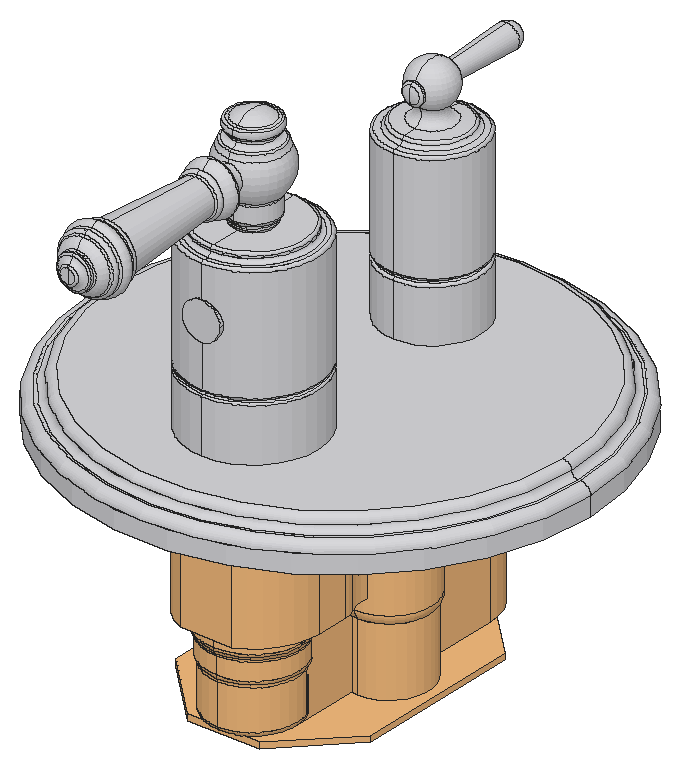
Revit family "Shower-Valve_Trim-KOHLER-Artifacts-72820W_1", category Plumbing Fixtures, host Face, Revit 2017
Family settings
  Host = Face
  Round Connector Dimension = Use Diameter
  Part Type = Normal
  OmniClass Number = 23.31.25.00
  OmniClass Title = Toilet and Bath Specialties
  Cut with Voids When Loaded = No
  Shared = No
  Room Calculation Point = No
Parameters (values of type "CP-Polished Chrome")
  Width = 7 11/128"  # constant formula
  WaterSense Certified = 1 = 0  # no
  Waste Water Outlet = "Waste Water Outlet"  # constant formula
  Waste Connection = 1 = 0  # no
  Vent Connection = 1 = 0  # no
  URL = "https://www.kohler.co.uk/"
  Type = 1
  Tempered Water Outlet 2 = "Tempered Water Outlet 2"  # constant formula
  Tempered Water Outlet 1 = "Tempered Water Outlet 1"  # constant formula
  Product Page URL = "https://www.kohler.co.uk/showering/valves-controls/thermostatic-valves/artifacts-thermotatic-built-in-shower-valve-with-temperature-and-flow-control/"
  Product Name = "Artifacts"  # constant formula
  Product Documentation Link = ""
  Pressure = 72.00 psi  # constant formula
  Model = "72820W-4-CP"  # constant formula
  Material = "Premium Metal Construction"  # constant formula
  Master Format 2014 Name = "Residential Showers"  # constant formula
  Master Format 2014 = "22 42 23"  # constant formula
  Manufacturer Address = "Cromwell Road, Cheltenham, Gloucestershire. GL52 5EP Registered in England No. 252115"  # constant formula
  Manufacturer = "KOHLER Co."  # constant formula
  Length = 4 19/32"  # constant formula
  Hot Water Inlet = "Hot Water Inlet"  # constant formula
  Height = 7 11/128"  # constant formula
  Handle Clearance = 3 79/256"  # constant formula
  HW Connection = 1 = 1  # yes
  Flow Rate = 9.24 GPM  # constant formula
  Finish = Kohler-Metal-CP-Polished_Chrome
  Environmental Product Declaration = ""
  Drain Included = 1 = 0  # no
  Description = "Thermotatic Built-in Shower Valve with Temperature and Flow Control"  # constant formula
  Default Elevation = 42"
  Declare Label = ""
  Date Modified = "10/13/2020"  # constant formula
  Date Created = "10/13/2020"  # constant formula
  Copyright = "Copyright KOHLER Co."  # constant formula
  Contact Us = "https://www.kohler.co.uk/support/contact/"
  Cold Water Inlet = "Cold Water Inlet"  # constant formula
  CW Connection = 1 = 1  # yes
  Assembly Code = "D2010700"
  ADA Compliant = 1 = 0  # no
Reference planes (in)
  plane 1 "Center (Front/Back)": y = 0
  plane 2: z = 0
  plane 3 "Center (Left/Right)": x = 0
  plane 4: x = -3.54331
  plane 5: x = 3.54263
  plane 6: y = 3.54331
  plane 7: y = -3.54263
  plane 8: y = -4.83834
  plane 9: y = 3.12106
  plane 10: x = -0.6875
  plane 11: x = 0.6875
  plane 12: y = -1.52974
  plane 13: y = 1.625
  plane 14: y = -0.89128
  plane 15: z = -3.09375
  plane 16: z = 3.90554
  plane 17: z = 4.59375
  plane 18: z = 3.53544
  plane 19: z = 0.5925
Forms (in)
  Extrusion 1, void
    sketch origin (0, 0, 0) x (1, 0, 0) y (0, 1, 0)
      loop
        arc (1.08004, -2.55228) -> (1.47227, -2.38981) -> (1.63473, -1.99759) r 0.55469
        line (1.63473, -1.99759) -> (1.63473, 1.99769)
        arc (1.63473, 1.99769) -> (1.47186, 2.39091) -> (1.07864, 2.55378) r 0.5561
        line (1.07864, 2.55378) -> (-1.08004, 2.55378)
        arc (-1.08004, 2.55378) -> (-1.47227, 2.39132) -> (-1.63473, 1.9991) r 0.55469
        line (-1.63473, 1.9991) -> (-1.63473, -1.99759)
        arc (-1.63473, -1.99759) -> (-1.47227, -2.38981) -> (-1.08004, -2.55228) r 0.55469
        line (-1.08004, -2.55228) -> (1.08004, -2.55228)
    from 0 to -3.09375
Dimensions and locks (in)
  "Width": plane 4 to plane 5
  locked: plane 8 to plane 6 at 8.38164
  "Height": plane 6 to plane 7
  locked: plane 19 to plane 2 at 0.5925
  locked: plane 16 to plane 2 at 3.90554
  "Length": plane 17 to plane 2
  "Handle Clearance": plane 12 to plane 8
  aligned and locked: plane 2 to host face
  aligned and locked: level to host face
Automatic sketch dimensions
  host sketch curve to host sketch curve = 96"  (x2)
  Extrusion 1 sketch curve to plane 13 = 0.3741"
  plane 10 to Extrusion 1 sketch curve = 0.94723"
  plane 10 to Extrusion 1 sketch curve = 0.39254"  (x2)
  plane 11 to Extrusion 1 sketch curve = 0.39114"
  plane 11 to Extrusion 1 sketch curve = 0.39254"
  Extrusion 1 sketch curve to Extrusion 1 sketch curve = 71/128"
  plane 12 to Extrusion 1 sketch curve = 0.46785"
Nested families (in)
  nested 1: "72820W" at (0, 0, 0), type "72820W"
Connectors (in)
  piping at (-0.6875, 0, -3.09375), diameter 0.5, driven by "Flow Rate", driven by "Pressure", driven by "HW Connection", driven by "Hot Water Inlet"
    settings: on nested 1, index 1, connector inside diameter 24", connector length 0", flow factor 0, pipe flow 9.24 GPM, pressure drop 72.00 psi, fitting loss kfactor 0, connector angle 0.00°, fixture units 0, engagement length 0", angle of deflection 0.00°, flow configuration 1, flow direction 1, fitting loss method 4, system type 19, joint type 0, gender type 0, connector reference index -1, connector utility 1, adjustable connector no, is connector primary yes, connector description "Hot Water Inlet"
  piping at (0.6875, 0, -3.09375), diameter 0.5, driven by "Flow Rate", driven by "Pressure", driven by "CW Connection", driven by "Cold Water Inlet"
    settings: on nested 1, index 2, connector inside diameter 24", connector length 0", flow factor 0, pipe flow 9.24 GPM, pressure drop 72.00 psi, fitting loss kfactor 0, connector angle 0.00°, fixture units 0, engagement length 0", angle of deflection 0.00°, flow configuration 1, flow direction 1, fitting loss method 4, system type 20, joint type 0, gender type 0, connector reference index -1, connector utility 1, adjustable connector no, is connector primary no, connector description "Cold Water Inlet"
  piping at (0, -0.89128, -3.09375), diameter 0.5, driven by "Flow Rate", driven by "Pressure", driven by "HW Connection", driven by "Tempered Water Outlet 2"
    settings: on nested 1, index 3, connector inside diameter 24", connector length 0", flow factor 0, pipe flow 9.24 GPM, pressure drop 72.00 psi, fitting loss kfactor 0, connector angle 0.00°, fixture units 0, engagement length 0", angle of deflection 0.00°, flow configuration 1, flow direction 2, fitting loss method 4, system type 19, joint type 0, gender type 0, connector reference index -1, connector utility 1, adjustable connector no, is connector primary no, connector description "Tempered Water Outlet 2"
  piping at (0, 1.62506, -3.09375), diameter 0.5, driven by "Flow Rate", driven by "Pressure", driven by "HW Connection", driven by "Tempered Water Outlet 1"
    settings: on nested 1, index 4, connector inside diameter 24", connector length 0", flow factor 0, pipe flow 9.24 GPM, pressure drop 72.00 psi, fitting loss kfactor 0, connector angle 0.00°, fixture units 0, engagement length 0", angle of deflection 0.00°, flow configuration 1, flow direction 2, fitting loss method 4, system type 19, joint type 0, gender type 0, connector reference index -1, connector utility 1, adjustable connector no, is connector primary no, connector description "Tempered Water Outlet 1"
Definition of nested family "72820W"
  Parameters (values of type "72819W")
    Material = none
  Reference planes (in)
    plane 1 "Center (Front/Back)": y = 0
    plane 2: z = 0
    plane 3 "Center (Left/Right)": x = 0
    plane 4: x = -3.54331
    plane 5: x = 3.54331
    plane 6: y = 3.54331
    plane 7: y = -3.54331
    plane 8: z = 0.5925
    plane 9: z = 3.90554
    plane 10: z = 4.59375
    plane 11: y = -1.53125
    plane 12: y = 1.625
    plane 13: y = -4.83834
    plane 14: y = 3.12106
    plane 15: z = 3.53544
    plane 16: z = -3.09375
    plane 17: x = -0.6875
    plane 18: x = 0.6875
    plane 19: y = -0.89128
  Forms (in)
    Sweep 1, solid, material <- "Material", detail levels medium+fine
      path origin (0, 0, 0) x (1, 0, 0) y (0, 1, 0)
        loop
          circle (0, 0) r 3.54336
      profile origin (0, 3.54336, 0) x (0, -1, 0) y (0, 0, 1)
        loop
          line (0.01211, 0) -> (0.60669, 0) -> (0.60669, 0.5925) -> (0.4018, 0.5925)
          arc (0.4018, 0.5925) -> (0.32124, 0.56098) -> (0.28346, 0.48316) r 0.11871
          arc (0.28346, 0.48316) -> (0.25323, 0.42088) -> (0.18876, 0.39565) r 0.095
          line (0.18876, 0.39565) -> (0.14766, 0.39565)
          arc (0.14766, 0.39565) -> (0.05181, 0.35595) -> (0.01211, 0.2601) r 0.13555
          line (0.01211, 0.2601) -> (0.01211, 0)
    Extrusion 2, solid, material <- "Material", detail levels medium+fine
      sketch origin (0, 0, 0) x (1, 0, 0) y (0, 1, 0)
        loop
          circle (0, 0) r 2.94878
      from 0 to 0.59055
    Revolve 3, solid, material <- "Material", detail levels medium+fine
      sketch origin (0, 0, 0) x (0, 1, 0) y (0, 0, 1)
        loop
          line (-1.53125, 4.59375) -> (-1.53125, 0.4743) -> (-0.625, 0.4743) -> (-0.625, 1.33838)
          arc (-0.625, 1.33838) -> (-0.63083, 1.35244) -> (-0.64489, 1.35827) r 0.01989
          line (-0.64489, 1.35827) -> (-0.71357, 1.35827) -> (-0.71357, 1.40546) -> (-0.64493, 1.40546)
          arc (-0.64493, 1.40546) -> (-0.63084, 1.4113) -> (-0.625, 1.42539) r 0.01993
          line (-0.625, 1.42539) -> (-0.625, 3.02147)
          arc (-0.625, 3.02147) -> (-0.63601, 3.04805) -> (-0.66258, 3.05906) r 0.03758
          line (-0.66258, 3.05906) -> (-0.7288, 3.05906)
          arc (-0.7288, 3.05906) -> (-0.76702, 3.07488) -> (-0.78285, 3.1131) r 0.05405
          line (-0.78285, 3.1131) -> (-0.78285, 3.14424)
          arc (-0.78285, 3.14424) -> (-0.79249, 3.16752) -> (-0.81577, 3.17717) r 0.03293
          line (-0.81577, 3.17717) -> (-1.26034, 3.17717)
          arc (-1.26034, 3.17717) -> (-1.24608, 3.18307) -> (-1.24017, 3.19734) r 0.02017
          line (-1.24017, 3.19734) -> (-1.24017, 3.23084)
          arc (-1.24017, 3.23084) -> (-1.23184, 3.26031) -> (-1.20931, 3.28105) r 0.05627
          arc (-1.20931, 3.28105) -> (-1.19571, 3.29357) -> (-1.19068, 3.31136) r 0.03397
          line (-1.19068, 3.31136) -> (-1.19068, 3.53618)
          arc (-1.19068, 3.53618) -> (-1.187, 3.55509) -> (-1.1765, 3.57125) r 0.05046
          arc (-1.1765, 3.57125) -> (-1.04544, 3.8435) -> (-1.10277, 4.14017) r 0.48059
          arc (-1.10277, 4.14017) -> (-1.1205, 4.17805) -> (-1.13252, 4.2181) r 0.2866
          arc (-1.13252, 4.2181) -> (-1.14093, 4.23175) -> (-1.15598, 4.23727) r 0.02449
          arc (-1.15598, 4.23727) -> (-1.20632, 4.25638) -> (-1.23302, 4.30315) r 0.07969
          arc (-1.23302, 4.30315) -> (-1.22772, 4.33475) -> (-1.20373, 4.35598) r 0.04802
          arc (-1.20373, 4.35598) -> (-1.18849, 4.36616) -> (-1.17854, 4.38156) r 0.04516
          arc (-1.17854, 4.38156) -> (-1.17087, 4.42738) -> (-1.18192, 4.4725) r 0.11517
          arc (-1.18192, 4.4725) -> (-1.1941, 4.48485) -> (-1.21131, 4.48696) r 0.02636
          arc (-1.21131, 4.48696) -> (-1.23395, 4.48715) -> (-1.25433, 4.49701) r 0.05157
          arc (-1.25433, 4.49701) -> (-1.38459, 4.56887) -> (-1.53125, 4.59375) r 0.44471
        axis (-1.53125, 4.59375) -> (-1.53125, 0.4743)
      angle from 0 to 360
    Revolve 4, solid, material <- "Material", detail levels medium+fine
      sketch origin (0, 0, 0) x (0, 1, 0) y (0, 0, 1)
        loop
          line (-4.8125, 3.90554) -> (-4.8125, 3.79943)
          arc (-4.8125, 3.79943) -> (-4.80706, 3.78381) -> (-4.79309, 3.77494) r 0.02515
          arc (-4.79309, 3.77494) -> (-4.74029, 3.74248) -> (-4.71742, 3.68488) r 0.09829
          arc (-4.71742, 3.68488) -> (-4.71089, 3.67087) -> (-4.69653, 3.66516) r 0.02092
          line (-4.69653, 3.66516) -> (-4.66467, 3.66516)
          arc (-4.66467, 3.66516) -> (-4.64967, 3.66092) -> (-4.63911, 3.64946) r 0.02866
          arc (-4.63911, 3.64946) -> (-4.58812, 3.58387) -> (-4.51633, 3.54206) r 0.21845
          arc (-4.51633, 3.54206) -> (-4.50309, 3.53354) -> (-4.49516, 3.51995) r 0.03371
          arc (-4.49516, 3.51995) -> (-4.46564, 3.48832) -> (-4.42258, 3.49256) r 0.04884
          arc (-4.42258, 3.49256) -> (-4.40072, 3.49612) -> (-4.38283, 3.48306) r 0.02872
          arc (-4.38283, 3.48306) -> (-4.29866, 3.43522) -> (-4.2138, 3.48181) r 0.09925
          arc (-4.2138, 3.48181) -> (-4.19527, 3.49525) -> (-4.1726, 3.49208) r 0.03058
          arc (-4.1726, 3.49208) -> (-4.13083, 3.48834) -> (-4.10097, 3.51779) r 0.0499
          arc (-4.10097, 3.51779) -> (-4.09084, 3.53127) -> (-4.07503, 3.53714) r 0.02993
          line (-4.07503, 3.53714) -> (-2.55069, 3.64373)
          arc (-2.55069, 3.64373) -> (-2.53243, 3.6393) -> (-2.52009, 3.62513) r 0.031
          arc (-2.52009, 3.62513) -> (-2.46412, 3.59631) -> (-2.42488, 3.64554) r 0.04965
          arc (-2.42488, 3.64554) -> (-2.3604, 3.56524) -> (-2.26309, 3.53149) r 0.1862
          arc (-2.26309, 3.53149) -> (-2.24777, 3.53557) -> (-2.23775, 3.54786) r 0.02571
          arc (-2.23775, 3.54786) -> (-2.12696, 3.67744) -> (-1.95951, 3.7095) r 0.25772
          arc (-1.95951, 3.7095) -> (-1.65295, 3.73811) -> (-1.39456, 3.90554) r 0.64511
          line (-1.39456, 3.90554) -> (-4.8125, 3.90554)
        axis (-1.39456, 3.90554) -> (-4.8125, 3.90554)
      angle from 0 to 360
    Revolve 5, solid, material <- "Material", detail levels medium+fine
      sketch origin (0, 0, 0) x (0, 1, 0) y (0, 0, 1)
        loop
          line (1.625, 0.55225) -> (2.3125, 0.55225) -> (2.3125, 1.32327)
          arc (2.3125, 1.32327) -> (2.30225, 1.34802) -> (2.2775, 1.35827) r 0.035
          line (2.2775, 1.35827) -> (2.2144, 1.35827) -> (2.2144, 1.40945) -> (2.29287, 1.40945)
          arc (2.29287, 1.40945) -> (2.30675, 1.4152) -> (2.3125, 1.42908) r 0.01963
          line (2.3125, 1.42908) -> (2.3125, 2.93221)
          arc (2.3125, 2.93221) -> (2.30353, 2.95641) -> (2.28094, 2.96891) r 0.03712
          line (2.28094, 2.96891) -> (2.19508, 2.98192)
          arc (2.19508, 2.98192) -> (2.16154, 2.99921) -> (2.14534, 3.03329) r 0.05899
          arc (2.14534, 3.03329) -> (2.13441, 3.05563) -> (2.11192, 3.06626) r 0.03761
          line (2.11192, 3.06626) -> (1.93293, 3.08507)
          arc (1.93293, 3.08507) -> (1.82197, 3.17321) -> (1.85475, 3.31108) r 0.13202
          arc (1.85475, 3.31108) -> (1.92349, 3.65661) -> (1.625, 3.84375) r 0.31035
          line (1.625, 3.84375) -> (1.625, 0.55225)
        axis (1.625, 3.84375) -> (1.625, 0.55225)
      angle from 0 to 360
    Revolve 6, solid, material <- "Material", detail levels medium+fine
      sketch origin (0, 0, 0) x (0, 1, 0) y (0, 0, 1)
        loop
          line (1.22663, 3.53543) -> (3.12503, 3.53543)
          arc (3.12503, 3.53543) -> (3.06506, 3.66556) -> (2.93021, 3.71399) r 0.18523
          line (2.93021, 3.71399) -> (1.90456, 3.66024) -> (1.34828, 3.67)
          arc (1.34828, 3.67) -> (1.33215, 3.66742) -> (1.31892, 3.67701) r 0.02135
          arc (1.31892, 3.67701) -> (1.30299, 3.68946) -> (1.28281, 3.68847) r 0.02899
          arc (1.28281, 3.68847) -> (1.26319, 3.67507) -> (1.25013, 3.65523) r 0.06141
          arc (1.25013, 3.65523) -> (1.23256, 3.59647) -> (1.22663, 3.53543) r 0.31705
        axis (3.12503, 3.53543) -> (1.22663, 3.53543)
      angle from 0 to 360
    Revolve 7, solid, detail levels medium+fine
      sketch origin (0, 0, 0) x (0, 1, 0) y (0, 0, 1)
        loop
          line (-1.53125, -3.02287) -> (-2.083, -3.02287)
          arc (-2.083, -3.02287) -> (-2.13423, -3.00165) -> (-2.15545, -2.95042) r 0.07245
          line (-2.15545, -2.95042) -> (-2.15545, -2.38433)
          arc (-2.15545, -2.38433) -> (-2.15935, -2.35862) -> (-2.17071, -2.33522) r 0.08665
          arc (-2.17071, -2.33522) -> (-2.18137, -2.31328) -> (-2.18503, -2.28916) r 0.08125
          line (-2.18503, -2.28916) -> (-2.18503, -2.04484)
          arc (-2.18503, -2.04484) -> (-2.1871, -2.0291) -> (-2.19317, -2.01444) r 0.06081
          line (-2.19317, -2.01444) -> (-2.2231, -1.96261)
          arc (-2.2231, -1.96261) -> (-2.23159, -1.9421) -> (-2.23449, -1.92009) r 0.08505
          line (-2.23449, -1.92009) -> (-2.23449, -1.81629)
          arc (-2.23449, -1.81629) -> (-2.25662, -1.75896) -> (-2.31153, -1.73135) r 0.08535
          line (-2.31153, -1.73135) -> (-2.31153, -0.57006)
          arc (-2.31153, -0.57006) -> (-2.27049, -0.54873) -> (-2.25403, -0.50551) r 0.06499
          line (-2.25403, -0.50551) -> (-2.25403, -0.47389)
          arc (-2.25403, -0.47389) -> (-2.26022, -0.45895) -> (-2.27517, -0.45276) r 0.02113
          line (-2.27517, -0.45276) -> (-2.35158, -0.45276)
          arc (-2.35158, -0.45276) -> (-2.3732, -0.4438) -> (-2.38216, -0.42218) r 0.03057
          line (-2.38216, -0.42218) -> (-2.38216, 0.03054) -> (-1.53125, 0.03054) -> (-1.53125, -3.02756)
        axis (-1.53125, 0.03054) -> (-1.53125, -3.02756)
      angle from 0 to 360
    Revolve 8, solid, detail levels medium+fine
      sketch origin (-0.68897, 0.0016, 0) x (0, 1, 0) y (0, 0, 1)
        loop
          line (0, -0.54405) -> (0, -3.03972) -> (0.55405, -3.03972) -> (0.55405, -2.04881)
          arc (0.55405, -2.04881) -> (0.59152, -1.98988) -> (0.60463, -1.92127) r 0.18606
          line (0.60463, -1.92127) -> (0.60463, -1.22977)
          arc (0.60463, -1.22977) -> (0.62713, -1.18548) -> (0.63488, -1.13642) r 0.15916
          line (0.63488, -1.13642) -> (0.63489, -0.62498)
          arc (0.63489, -0.62498) -> (0.61118, -0.56776) -> (0.55396, -0.54405) r 0.08093
          line (0.55396, -0.54405) -> (0, -0.54405)
        axis (0, -3.03972) -> (0, -0.54405)
      angle from 0 to 360
    Revolve 9, solid, detail levels medium+fine
      sketch origin (0.68897, 0.0016, 0) x (0, 1, 0) y (0, 0, -1)
        loop
          line (0, 0.54405) -> (0.55396, 0.54405)
          arc (0.55396, 0.54405) -> (0.61118, 0.56776) -> (0.63489, 0.62498) r 0.08093
          line (0.63489, 0.62498) -> (0.63488, 1.13642)
          arc (0.63488, 1.13642) -> (0.62713, 1.18548) -> (0.60463, 1.22977) r 0.15916
          line (0.60463, 1.22977) -> (0.60463, 1.92127)
          arc (0.60463, 1.92127) -> (0.59152, 1.98988) -> (0.55405, 2.04881) r 0.18606
          line (0.55405, 2.04881) -> (0.55405, 3.0385) -> (0, 3.0385) -> (0, 0.54405)
        axis (0, 3.0385) -> (0, 0.54405)
      angle from 0 to 360
    Extrusion 10, solid, detail levels medium+fine
      sketch origin (0, 0, 0) x (1, 0, 0) y (0, 1, 0)
        loop
          line (0.92561, -1.51625) -> (0.92561, -1.06778)
          arc (0.92561, -1.06778) -> (0.9162, -0.97656) -> (0.88838, -0.88919) r 0.44694
          arc (0.88838, -0.88919) -> (0.83885, -0.67085) -> (0.87295, -0.44957) r 0.599
          line (0.87295, -0.44957) -> (0.87295, 0.39112)
          arc (0.87295, 0.39112) -> (0.8232, 0.57143) -> (0.65834, 0.65979) r 0.23749
          line (0.65834, 0.65979) -> (0.07315, 0.71099)
          arc (0.07315, 0.71099) -> (0.00041, 0.71416) -> (-0.07233, 0.71099) r 0.83461
          line (-0.07233, 0.71099) -> (-0.65534, 0.65998)
          arc (-0.65534, 0.65998) -> (-0.80974, 0.58384) -> (-0.87213, 0.4234) r 0.23748
          line (-0.87213, 0.4234) -> (-0.87213, -0.44957)
          arc (-0.87213, -0.44957) -> (-0.83802, -0.67085) -> (-0.88755, -0.88919) r 0.599
          arc (-0.88755, -0.88919) -> (-0.91538, -0.97656) -> (-0.92478, -1.06778) r 0.44694
          line (-0.92478, -1.06778) -> (-0.92478, -1.51625)
          arc (-0.92478, -1.51625) -> (-0.77142, -2.0264) -> (-0.36218, -2.36743) r 0.9252
          line (-0.36218, -2.36743) -> (0.36301, -2.36743)
          arc (0.36301, -2.36743) -> (0.77225, -2.0264) -> (0.92561, -1.51625) r 0.9252
      from -1.73022 to -0.57006
    Extrusion 11, solid, detail levels medium+fine
      sketch origin (0, 0, 0) x (1, 0, 0) y (0, 1, 0)
        loop
          line (0.8075, 0.45624) -> (0.8075, 1.63734)
          arc (0.8075, 1.63734) -> (0.67224, 2.08461) -> (0.31178, 2.38195) r 0.80709
          line (0.31178, 2.38195) -> (-0.31096, 2.38195)
          arc (-0.31096, 2.38195) -> (-0.67141, 2.08461) -> (-0.80667, 1.63734) r 0.80709
          line (-0.80667, 1.63734) -> (-0.80667, 0.45624) -> (0.8075, 0.45624)
      from -3.01252 to -0.86614
    Extrusion 12, solid, detail levels medium+fine
      sketch origin (0, 0, 0) x (1, 0, 0) y (0, 1, 0)
        loop
          line (-1.37754, 1.18116) -> (-1.37754, -1.18104) -> (-0.50237, -2.05621) -> (0.5032, -2.05621) -> (1.37837, -1.18104) -> (1.37837, 1.18116) -> (0.48257, 2.07696) -> (-0.48174, 2.07696) -> (-1.37754, 1.18116)
      from -3.09375 to -3.01252
    Extrusion 13, solid, detail levels medium+fine
      sketch origin (0, 0, 0) x (1, 0, 0) y (0, 0, 1)
        loop
          line (-0.59014, -3.03972) -> (0.59096, -3.03972) -> (0.59096, -1.31274) -> (-0.59014, -1.31274) -> (-0.59014, -3.03972)
      from 0 to 1.51569
    Extrusion 14, solid, detail levels medium+fine
      sketch origin (0, -0.00769, 0) x (1, 0, 0) y (0, 1, 0)
        loop
          circle (-0.00038, 1.63295) r 0.68945
      from -0.86614 to 0.09843
    Extrusion 15, solid, detail levels medium+fine
      sketch origin (0, 0, 0) x (1, 0, 0) y (0, 1, 0)
        loop
          circle (0, 1.62506) r 0.19685
        loop
          circle (0.6875, 0) r 0.19685
        loop
          circle (-0.6875, 0) r 0.19685
        loop
          circle (0, -0.89128) r 0.19685
      from -3.09375 to -3.05727
    Extrusion 16, solid, material <- "Material", detail levels coarse
      sketch origin (0, 0, 0) x (1, 0, 0) y (0, 1, 0)
        loop
          circle (0, 0) r 3.53125
      from 0 to 0.59247
    Extrusion 17, solid, material <- "Material", detail levels coarse
      sketch origin (0, 0, 0) x (1, 0, 0) y (0, 1, 0)
        loop
          circle (0, -1.53125) r 0.90625
      from 0 to 4.59375
    Extrusion 18, solid, material <- "Material", detail levels coarse
      sketch origin (0, 0, 0) x (1, 0, 0) y (0, 1, 0)
        loop
          circle (0, 1.625) r 0.6875
      from 0 to 3.84375
    Extrusion 19, solid, material <- "Material", detail levels coarse
      sketch origin (0, 0, 0) x (1, 0, 0) y (0, 0, 1)
        loop
          circle (-0.00071, 3.5362) r 0.17864
      from -3.125 to -2.1378
    Extrusion 20, solid, material <- "Material", detail levels coarse
      sketch origin (0, 0, 0) x (1, 0, 0) y (0, 0, 1)
        loop
          circle (-0.00095, 3.90452) r 0.46672
      from 1.82382 to 4.83834
    Extrusion 21, solid, detail levels coarse
      sketch origin (0, 0, 0) x (1, 0, 0) y (0, 1, 0)
        loop
          line (1.37837, -1.18104) -> (1.37837, 1.18116) -> (0.79787, 1.76166)
          arc (0.79787, 1.76166) -> (0.63568, 2.13517) -> (0.31178, 2.38195) r 0.80709
          line (0.31178, 2.38195) -> (-0.31096, 2.38195)
          arc (-0.31096, 2.38195) -> (-0.63485, 2.13517) -> (-0.79704, 1.76166) r 0.80709
          line (-0.79704, 1.76166) -> (-1.37754, 1.18116) -> (-1.37754, -1.18104) -> (-0.91614, -1.64245)
          arc (-0.91614, -1.64245) -> (-0.73474, -2.07797) -> (-0.36218, -2.36743) r 0.9252
          line (-0.36218, -2.36743) -> (0.36301, -2.36743)
          arc (0.36301, -2.36743) -> (0.73557, -2.07797) -> (0.91696, -1.64245) r 0.9252
          line (0.91696, -1.64245) -> (1.37837, -1.18104)
      from -3.09375 to 0
    Extrusion 22, solid, material <- "Material", detail levels medium+fine
      sketch origin (0, 0, 0) x (1, 0, 0) y (0, 0, 1)
        loop
          circle (0.00002, 2.30909) r 0.26392
      from 1.51569 to 2.45606
    Extrusion 23, solid, detail levels medium+fine
      sketch origin (0, 0, 0) x (1, 0, 0) y (0, 1, 0)
        loop
          line (-1.08004, -2.55378) -> (1.08004, -2.55378)
          arc (1.08004, -2.55378) -> (1.47227, -2.39132) -> (1.63473, -1.9991) r 0.55469
          line (1.63473, -1.9991) -> (1.63473, 1.99769)
          arc (1.63473, 1.99769) -> (1.47186, 2.39091) -> (1.07864, 2.55378) r 0.5561
          line (1.07864, 2.55378) -> (-1.08004, 2.55378)
          arc (-1.08004, 2.55378) -> (-1.47227, 2.39132) -> (-1.63473, 1.9991) r 0.55469
          line (-1.63473, 1.9991) -> (-1.63473, -1.9991)
          arc (-1.63473, -1.9991) -> (-1.47227, -2.39132) -> (-1.08004, -2.55378) r 0.55469
      from -0.08678 to 0
  Cuts and joins
    joined: Sweep 1, Extrusion 2, Revolve 3, Revolve 4, Revolve 5, Extrusion 22
    joined: Revolve 8, Revolve 9, Extrusion 10, Extrusion 11, Extrusion 12, Extrusion 13, Extrusion 14, Extrusion 23
    joined: Extrusion 16, Extrusion 17, Extrusion 18, Extrusion 19, Extrusion 20
  Lines and regions (in)
    Masking region 1
      outline origin (0, 0, 0) x (0, 1, 0) y (0, 0, 1)
        loop
          arc (-0.625, 1.33838) -> (-0.63083, 1.35244) -> (-0.64489, 1.35827) r 0.01989
          line (-0.64489, 1.35827) -> (-0.71357, 1.35827) -> (-0.71357, 1.40546) -> (-0.64493, 1.40546)
          arc (-0.64493, 1.40546) -> (-0.63084, 1.4113) -> (-0.625, 1.42539) r 0.01993
          line (-0.625, 1.42539) -> (-0.625, 3.02147)
          arc (-0.625, 3.02147) -> (-0.63601, 3.04805) -> (-0.66258, 3.05906) r 0.03758
          line (-0.66258, 3.05906) -> (-0.7288, 3.05906)
          arc (-0.7288, 3.05906) -> (-0.76702, 3.07488) -> (-0.78285, 3.1131) r 0.05405
          line (-0.78285, 3.1131) -> (-0.78285, 3.14424)
          arc (-0.78285, 3.14424) -> (-0.79249, 3.16752) -> (-0.81577, 3.17717) r 0.03293
          line (-0.81577, 3.17717) -> (-1.26034, 3.17717)
          arc (-1.26034, 3.17717) -> (-1.24608, 3.18307) -> (-1.24017, 3.19734) r 0.02017
          line (-1.24017, 3.19734) -> (-1.24017, 3.23084)
          arc (-1.24017, 3.23084) -> (-1.23184, 3.26031) -> (-1.20931, 3.28105) r 0.05627
          arc (-1.20931, 3.28105) -> (-1.19571, 3.29357) -> (-1.19068, 3.31136) r 0.03397
          line (-1.19068, 3.31136) -> (-1.19068, 3.53618)
          arc (-1.19068, 3.53618) -> (-1.187, 3.55509) -> (-1.1765, 3.57125) r 0.05046
          arc (-1.1765, 3.57125) -> (-1.04544, 3.8435) -> (-1.10277, 4.14017) r 0.48059
          arc (-1.10277, 4.14017) -> (-1.1205, 4.17805) -> (-1.13252, 4.2181) r 0.2866
          arc (-1.13252, 4.2181) -> (-1.14093, 4.23175) -> (-1.15598, 4.23727) r 0.02449
          arc (-1.15598, 4.23727) -> (-1.20632, 4.25638) -> (-1.23302, 4.30315) r 0.07969
          arc (-1.23302, 4.30315) -> (-1.22772, 4.33475) -> (-1.20373, 4.35598) r 0.04802
          arc (-1.20373, 4.35598) -> (-1.18849, 4.36616) -> (-1.17854, 4.38156) r 0.04516
          arc (-1.17854, 4.38156) -> (-1.17083, 4.42627) -> (-1.18099, 4.47048) r 0.11517
          arc (-1.18099, 4.47048) -> (-1.19502, 4.48365) -> (-1.21407, 4.48644) r 0.03214
          arc (-1.21407, 4.48644) -> (-1.23532, 4.48748) -> (-1.25433, 4.49701) r 0.05157
          arc (-1.25433, 4.49701) -> (-1.53125, 4.59375) -> (-1.80817, 4.49701) r 0.44471
          arc (-1.80817, 4.49701) -> (-1.82718, 4.48748) -> (-1.84843, 4.48644) r 0.05157
          arc (-1.84843, 4.48644) -> (-1.86848, 4.4831) -> (-1.88245, 4.46834) r 0.03194
          arc (-1.88245, 4.46834) -> (-1.89169, 4.4251) -> (-1.88396, 4.38156) r 0.11517
          arc (-1.88396, 4.38156) -> (-1.87401, 4.36616) -> (-1.85877, 4.35598) r 0.04516
          arc (-1.85877, 4.35598) -> (-1.83478, 4.33475) -> (-1.82948, 4.30315) r 0.04802
          arc (-1.82948, 4.30315) -> (-1.85618, 4.25638) -> (-1.90652, 4.23727) r 0.07969
          arc (-1.90652, 4.23727) -> (-1.92157, 4.23175) -> (-1.92998, 4.2181) r 0.02449
          arc (-1.92998, 4.2181) -> (-1.942, 4.17805) -> (-1.95973, 4.14017) r 0.2866
          arc (-1.95973, 4.14017) -> (-1.9704, 4.12001) -> (-1.98011, 4.09936) r 0.48059
          arc (-1.98011, 4.09936) -> (-2.13581, 4.13903) -> (-2.23775, 4.26323) r 0.25772
          arc (-2.23775, 4.26323) -> (-2.24777, 4.27552) -> (-2.26309, 4.2796) r 0.02571
          arc (-2.26309, 4.2796) -> (-2.3604, 4.24585) -> (-2.42488, 4.16555) r 0.1862
          arc (-2.42488, 4.16555) -> (-2.46412, 4.21478) -> (-2.52009, 4.18596) r 0.04965
          arc (-2.52009, 4.18596) -> (-2.53243, 4.17179) -> (-2.55069, 4.16736) r 0.031
          line (-2.55069, 4.16736) -> (-4.07503, 4.27395)
          arc (-4.07503, 4.27395) -> (-4.09084, 4.27982) -> (-4.10097, 4.2933) r 0.02993
          arc (-4.10097, 4.2933) -> (-4.13083, 4.32274) -> (-4.1726, 4.31901) r 0.0499
          arc (-4.1726, 4.31901) -> (-4.19527, 4.31583) -> (-4.2138, 4.32928) r 0.03058
          arc (-4.2138, 4.32928) -> (-4.29866, 4.37587) -> (-4.38283, 4.32803) r 0.09925
          arc (-4.38283, 4.32803) -> (-4.40072, 4.31497) -> (-4.42258, 4.31853) r 0.02872
          arc (-4.42258, 4.31853) -> (-4.46564, 4.32276) -> (-4.49516, 4.29114) r 0.04884
          arc (-4.49516, 4.29114) -> (-4.50309, 4.27754) -> (-4.51633, 4.26903) r 0.03371
          arc (-4.51633, 4.26903) -> (-4.58812, 4.22722) -> (-4.63911, 4.16162) r 0.21845
          arc (-4.63911, 4.16162) -> (-4.64967, 4.15016) -> (-4.66467, 4.14593) r 0.02866
          line (-4.66467, 4.14593) -> (-4.69653, 4.14593)
          arc (-4.69653, 4.14593) -> (-4.71089, 4.14022) -> (-4.71742, 4.12621) r 0.02092
          arc (-4.71742, 4.12621) -> (-4.74712, 4.06127) -> (-4.81294, 4.03358) r 0.09829
          arc (-4.81294, 4.03358) -> (-4.83094, 4.0257) -> (-4.83834, 4.0075) r 0.02609
          line (-4.83834, 4.0075) -> (-4.83834, 3.80434)
          arc (-4.83834, 3.80434) -> (-4.83078, 3.78565) -> (-4.81235, 3.77749) r 0.02686
          arc (-4.81235, 3.77749) -> (-4.74691, 3.74961) -> (-4.71742, 3.68488) r 0.09829
          arc (-4.71742, 3.68488) -> (-4.71089, 3.67087) -> (-4.69653, 3.66516) r 0.02092
          line (-4.69653, 3.66516) -> (-4.66467, 3.66516)
          arc (-4.66467, 3.66516) -> (-4.64967, 3.66092) -> (-4.63911, 3.64946) r 0.02866
          arc (-4.63911, 3.64946) -> (-4.58812, 3.58387) -> (-4.51633, 3.54206) r 0.21845
          arc (-4.51633, 3.54206) -> (-4.50309, 3.53354) -> (-4.49516, 3.51995) r 0.03371
          arc (-4.49516, 3.51995) -> (-4.46564, 3.48832) -> (-4.42258, 3.49256) r 0.04884
          arc (-4.42258, 3.49256) -> (-4.40072, 3.49612) -> (-4.38283, 3.48306) r 0.02872
          arc (-4.38283, 3.48306) -> (-4.29866, 3.43522) -> (-4.2138, 3.48181) r 0.09925
          arc (-4.2138, 3.48181) -> (-4.19527, 3.49525) -> (-4.1726, 3.49208) r 0.03058
          arc (-4.1726, 3.49208) -> (-4.13083, 3.48834) -> (-4.10097, 3.51779) r 0.0499
          arc (-4.10097, 3.51779) -> (-4.09084, 3.53127) -> (-4.07503, 3.53714) r 0.02993
          line (-4.07503, 3.53714) -> (-2.55069, 3.64373)
          arc (-2.55069, 3.64373) -> (-2.53243, 3.6393) -> (-2.52009, 3.62513) r 0.031
          arc (-2.52009, 3.62513) -> (-2.46412, 3.59631) -> (-2.42488, 3.64554) r 0.04965
          arc (-2.42488, 3.64554) -> (-2.3604, 3.56524) -> (-2.26309, 3.53149) r 0.1862
          arc (-2.26309, 3.53149) -> (-2.24777, 3.53557) -> (-2.23775, 3.54786) r 0.02571
          arc (-2.23775, 3.54786) -> (-2.13591, 3.67199) -> (-1.98036, 3.71174) r 0.25772
          arc (-1.98036, 3.71174) -> (-1.93941, 3.63731) -> (-1.886, 3.57125) r 0.48059
          arc (-1.886, 3.57125) -> (-1.8755, 3.55509) -> (-1.87182, 3.53618) r 0.05046
          line (-1.87182, 3.53618) -> (-1.87182, 3.31136)
          arc (-1.87182, 3.31136) -> (-1.86679, 3.29357) -> (-1.85319, 3.28105) r 0.03397
          arc (-1.85319, 3.28105) -> (-1.83066, 3.26031) -> (-1.82233, 3.23084) r 0.05627
          line (-1.82233, 3.23084) -> (-1.82233, 3.19734)
          arc (-1.82233, 3.19734) -> (-1.81642, 3.18307) -> (-1.80216, 3.17717) r 0.02017
          line (-1.80216, 3.17717) -> (-2.24673, 3.17717)
          arc (-2.24673, 3.17717) -> (-2.27001, 3.16752) -> (-2.27965, 3.14424) r 0.03293
          line (-2.27965, 3.14424) -> (-2.27965, 3.1131)
          arc (-2.27965, 3.1131) -> (-2.29548, 3.07488) -> (-2.3337, 3.05906) r 0.05405
          line (-2.3337, 3.05906) -> (-2.39992, 3.05906)
          arc (-2.39992, 3.05906) -> (-2.42649, 3.04805) -> (-2.4375, 3.02147) r 0.03758
          line (-2.4375, 3.02147) -> (-2.4375, 2.59952) -> (-2.45606, 2.57301) -> (-2.45606, 2.04517) -> (-2.4375, 2.01866) -> (-2.4375, 1.42539)
          arc (-2.4375, 1.42539) -> (-2.43166, 1.4113) -> (-2.41757, 1.40546) r 0.01993
          line (-2.41757, 1.40546) -> (-2.34893, 1.40546) -> (-2.34893, 1.35827) -> (-2.41761, 1.35827)
          arc (-2.41761, 1.35827) -> (-2.43167, 1.35244) -> (-2.4375, 1.33838) r 0.01989
          line (-2.4375, 1.33838) -> (-2.4375, 0.5925) -> (-3.15362, 0.5925)
          arc (-3.15362, 0.5925) -> (-3.23418, 0.56098) -> (-3.27196, 0.48316) r 0.11871
          arc (-3.27196, 0.48316) -> (-3.30219, 0.42088) -> (-3.36666, 0.39565) r 0.095
          line (-3.36666, 0.39565) -> (-3.40776, 0.39565)
          arc (-3.40776, 0.39565) -> (-3.50361, 0.35595) -> (-3.54331, 0.2601) r 0.13555
          line (-3.54331, 0.2601) -> (-3.54331, 0) -> (3.54331, 0) -> (3.54331, 0.2601)
          arc (3.54331, 0.2601) -> (3.50361, 0.35595) -> (3.40776, 0.39565) r 0.13555
          line (3.40776, 0.39565) -> (3.36666, 0.39565)
          arc (3.36666, 0.39565) -> (3.30219, 0.42088) -> (3.27196, 0.48316) r 0.095
          arc (3.27196, 0.48316) -> (3.23418, 0.56098) -> (3.15362, 0.5925) r 0.11871
          line (3.15362, 0.5925) -> (2.3125, 0.5925) -> (2.3125, 1.32327)
          arc (2.3125, 1.32327) -> (2.30225, 1.34802) -> (2.2775, 1.35827) r 0.035
          line (2.2775, 1.35827) -> (2.2144, 1.35827) -> (2.2144, 1.40945) -> (2.29287, 1.40945)
          arc (2.29287, 1.40945) -> (2.30675, 1.4152) -> (2.3125, 1.42908) r 0.01963
          line (2.3125, 1.42908) -> (2.3125, 2.93221)
          arc (2.3125, 2.93221) -> (2.30353, 2.95641) -> (2.28094, 2.96891) r 0.03712
          line (2.28094, 2.96891) -> (2.19508, 2.98192)
          arc (2.19508, 2.98192) -> (2.16154, 2.99921) -> (2.14534, 3.03329) r 0.05899
          arc (2.14534, 3.03329) -> (2.13441, 3.05563) -> (2.11192, 3.06626) r 0.03761
          line (2.11192, 3.06626) -> (1.93293, 3.08507)
          arc (1.93293, 3.08507) -> (1.82197, 3.17321) -> (1.85475, 3.31108) r 0.13202
          arc (1.85475, 3.31108) -> (1.89376, 3.35705) -> (1.92325, 3.40965) r 0.31342
          line (1.92325, 3.40965) -> (2.93021, 3.35688)
          arc (2.93021, 3.35688) -> (3.06974, 3.40975) -> (3.125, 3.54835) r 0.18521
          arc (3.125, 3.54835) -> (3.06414, 3.67413) -> (2.93021, 3.71399) r 0.17311
          line (2.93021, 3.71399) -> (1.92365, 3.66124)
          arc (1.92365, 3.66124) -> (1.80173, 3.79734) -> (1.625, 3.84375) r 0.31766
          arc (1.625, 3.84375) -> (1.45134, 3.8001) -> (1.32971, 3.66868) r 0.31426
          arc (1.32971, 3.66868) -> (1.31047, 3.68855) -> (1.28281, 3.68847) r 0.03534
          arc (1.28281, 3.68847) -> (1.26319, 3.67507) -> (1.25013, 3.65523) r 0.06141
          arc (1.25013, 3.65523) -> (1.23256, 3.59647) -> (1.22663, 3.53543) r 0.31705
          arc (1.22663, 3.53543) -> (1.23256, 3.47439) -> (1.25013, 3.41564) r 0.31705
          arc (1.25013, 3.41564) -> (1.26319, 3.3958) -> (1.28281, 3.38239) r 0.06141
          arc (1.28281, 3.38239) -> (1.31087, 3.3828) -> (1.32933, 3.40395) r 0.03447
          arc (1.32933, 3.40395) -> (1.35804, 3.35449) -> (1.39525, 3.31108) r 0.31342
          arc (1.39525, 3.31108) -> (1.42803, 3.17321) -> (1.31707, 3.08507) r 0.13202
          line (1.31707, 3.08507) -> (1.13808, 3.06626)
          arc (1.13808, 3.06626) -> (1.11559, 3.05563) -> (1.10466, 3.03329) r 0.03761
          arc (1.10466, 3.03329) -> (1.08846, 2.99921) -> (1.05492, 2.98192) r 0.05899
          line (1.05492, 2.98192) -> (0.96906, 2.96891)
          arc (0.96906, 2.96891) -> (0.94647, 2.95641) -> (0.9375, 2.93221) r 0.03712
          line (0.9375, 2.93221) -> (0.9375, 1.42908)
          arc (0.9375, 1.42908) -> (0.94325, 1.4152) -> (0.95713, 1.40945) r 0.01963
          line (0.95713, 1.40945) -> (1.0356, 1.40945) -> (1.0356, 1.35827) -> (0.9725, 1.35827)
          arc (0.9725, 1.35827) -> (0.94775, 1.34802) -> (0.9375, 1.32327) r 0.035
          line (0.9375, 1.32327) -> (0.9375, 0.5925) -> (-0.625, 0.5925) -> (-0.625, 1.33838)
    Masking region 2
      outline origin (0, 0, 0) x (0, 1, 0) y (0, 0, 1)
        loop
          arc (-2.38216, -0.42218) -> (-2.3732, -0.4438) -> (-2.35158, -0.45276) r 0.03057
          line (-2.35158, -0.45276) -> (-2.27517, -0.45276)
          arc (-2.27517, -0.45276) -> (-2.26022, -0.45895) -> (-2.25403, -0.47389) r 0.02113
          line (-2.25403, -0.47389) -> (-2.25403, -0.50551)
          arc (-2.25403, -0.50551) -> (-2.27049, -0.54873) -> (-2.31153, -0.57006) r 0.06499
          line (-2.31153, -0.57006) -> (-2.36743, -0.57006) -> (-2.36743, -1.73135) -> (-2.31153, -1.73135)
          arc (-2.31153, -1.73135) -> (-2.25662, -1.75896) -> (-2.23449, -1.81629) r 0.08535
          line (-2.23449, -1.81629) -> (-2.23449, -1.92009)
          arc (-2.23449, -1.92009) -> (-2.23159, -1.9421) -> (-2.2231, -1.96261) r 0.08505
          line (-2.2231, -1.96261) -> (-2.19317, -2.01444)
          arc (-2.19317, -2.01444) -> (-2.1871, -2.0291) -> (-2.18503, -2.04484) r 0.06081
          line (-2.18503, -2.04484) -> (-2.18503, -2.28916)
          arc (-2.18503, -2.28916) -> (-2.18137, -2.31328) -> (-2.17071, -2.33522) r 0.08125
          arc (-2.17071, -2.33522) -> (-2.15935, -2.35862) -> (-2.15545, -2.38433) r 0.08665
          line (-2.15545, -2.38433) -> (-2.15545, -2.95083)
          arc (-2.15545, -2.95083) -> (-2.13666, -2.99951) -> (-2.09003, -3.02294) r 0.07245
          line (-2.09003, -3.02294) -> (-2.05621, -3.02294) -> (-2.05621, -3.09375) -> (2.07696, -3.09375) -> (2.07696, -3.02306) -> (2.38195, -3.02306) -> (2.38195, -0.86614) -> (2.3125, -0.86614) -> (2.3125, -0.08678) -> (2.55378, -0.08678) -> (2.55378, 0) -> (-2.55378, 0) -> (-2.55378, -0.08678) -> (-2.38216, -0.08678) -> (-2.38216, -0.42218)
        loop
          line (0.9375, -0.08678) -> (-0.68034, -0.08678) -> (-0.68034, -0.42218)
          arc (-0.68034, -0.42218) -> (-0.6893, -0.4438) -> (-0.71092, -0.45276) r 0.03057
          line (-0.71092, -0.45276) -> (-0.78733, -0.45276)
          arc (-0.78733, -0.45276) -> (-0.80228, -0.45895) -> (-0.80847, -0.47389) r 0.02113
          line (-0.80847, -0.47389) -> (-0.80847, -0.50551)
          arc (-0.80847, -0.50551) -> (-0.79201, -0.54873) -> (-0.75097, -0.57006) r 0.06499
          line (-0.75097, -0.57006) -> (-0.615, -0.57006)
          arc (-0.615, -0.57006) -> (-0.588, -0.55084) -> (-0.55556, -0.54405) r 0.08093
          line (-0.55556, -0.54405) -> (0.55556, -0.54405)
          arc (0.55556, -0.54405) -> (0.588, -0.55084) -> (0.615, -0.57006) r 0.08093
          line (0.615, -0.57006) -> (0.71576, -0.57006) -> (0.71576, -0.86614) -> (0.9375, -0.86614) -> (0.9375, -0.08678)
    Masking region 3
      outline origin (0, 0, 0) x (1, 0, 0) y (0, 0, 1)
        loop
          arc (0.90625, 1.33652) -> (0.90042, 1.35058) -> (0.88636, 1.35641) r 0.01989
          line (0.88636, 1.35641) -> (0.81768, 1.35641) -> (0.81768, 1.4036) -> (0.88632, 1.4036)
          arc (0.88632, 1.4036) -> (0.90041, 1.40944) -> (0.90625, 1.42354) r 0.01993
          line (0.90625, 1.42354) -> (0.90625, 3.01961)
          arc (0.90625, 3.01961) -> (0.89524, 3.04619) -> (0.86867, 3.0572) r 0.03758
          line (0.86867, 3.0572) -> (0.80245, 3.0572)
          arc (0.80245, 3.0572) -> (0.76423, 3.07303) -> (0.7484, 3.11124) r 0.05405
          line (0.7484, 3.11124) -> (0.7484, 3.14238)
          arc (0.7484, 3.14238) -> (0.73876, 3.16566) -> (0.71548, 3.17531) r 0.03293
          line (0.71548, 3.17531) -> (0.27091, 3.17531)
          arc (0.27091, 3.17531) -> (0.28517, 3.18122) -> (0.29108, 3.19548) r 0.02017
          line (0.29108, 3.19548) -> (0.29108, 3.22899)
          arc (0.29108, 3.22899) -> (0.29941, 3.25845) -> (0.32194, 3.27919) r 0.05627
          arc (0.32194, 3.27919) -> (0.33554, 3.29171) -> (0.34057, 3.3095) r 0.03397
          line (0.34057, 3.3095) -> (0.34057, 3.53432)
          arc (0.34057, 3.53432) -> (0.34425, 3.55324) -> (0.35475, 3.56939) r 0.05046
          arc (0.35475, 3.56939) -> (0.48581, 3.84164) -> (0.42848, 4.13831) r 0.48059
          arc (0.42848, 4.13831) -> (0.41075, 4.17619) -> (0.39873, 4.21624) r 0.2866
          arc (0.39873, 4.21624) -> (0.39032, 4.22989) -> (0.37527, 4.23542) r 0.02449
          arc (0.37527, 4.23542) -> (0.32493, 4.25453) -> (0.29823, 4.30129) r 0.07969
          arc (0.29823, 4.30129) -> (0.30353, 4.33289) -> (0.32752, 4.35413) r 0.04802
          arc (0.32752, 4.35413) -> (0.34276, 4.36431) -> (0.35271, 4.3797) r 0.04516
          arc (0.35271, 4.3797) -> (0.36042, 4.42441) -> (0.35026, 4.46862) r 0.11517
          arc (0.35026, 4.46862) -> (0.33674, 4.48313) -> (0.31718, 4.48644) r 0.03093
          arc (0.31718, 4.48644) -> (0.29593, 4.48748) -> (0.27692, 4.49701) r 0.05157
          arc (0.27692, 4.49701) -> (0.14666, 4.56887) -> (0, 4.59375) r 0.44471
          arc (0, 4.59375) -> (-0.14666, 4.56887) -> (-0.27692, 4.49701) r 0.44471
          arc (-0.27692, 4.49701) -> (-0.29593, 4.48748) -> (-0.31718, 4.48644) r 0.05157
          arc (-0.31718, 4.48644) -> (-0.33674, 4.48313) -> (-0.35026, 4.46862) r 0.03093
          arc (-0.35026, 4.46862) -> (-0.36042, 4.42441) -> (-0.35271, 4.3797) r 0.11517
          arc (-0.35271, 4.3797) -> (-0.34276, 4.36431) -> (-0.32752, 4.35413) r 0.04516
          arc (-0.32752, 4.35413) -> (-0.30353, 4.33289) -> (-0.29823, 4.30129) r 0.04802
          arc (-0.29823, 4.30129) -> (-0.32493, 4.25453) -> (-0.37527, 4.23542) r 0.07969
          arc (-0.37527, 4.23542) -> (-0.39032, 4.22989) -> (-0.39873, 4.21624) r 0.02449
          arc (-0.39873, 4.21624) -> (-0.41075, 4.17619) -> (-0.42848, 4.13831) r 0.2866
          arc (-0.42848, 4.13831) -> (-0.48581, 3.84164) -> (-0.35475, 3.56939) r 0.48059
          arc (-0.35475, 3.56939) -> (-0.34425, 3.55324) -> (-0.34057, 3.53432) r 0.05046
          line (-0.34057, 3.53432) -> (-0.34057, 3.3095)
          arc (-0.34057, 3.3095) -> (-0.33554, 3.29171) -> (-0.32194, 3.27919) r 0.03397
          arc (-0.32194, 3.27919) -> (-0.29941, 3.25845) -> (-0.29108, 3.22899) r 0.05627
          line (-0.29108, 3.22899) -> (-0.29108, 3.19548)
          arc (-0.29108, 3.19548) -> (-0.28517, 3.18122) -> (-0.27091, 3.17531) r 0.02017
          line (-0.27091, 3.17531) -> (-0.71548, 3.17531)
          arc (-0.71548, 3.17531) -> (-0.73876, 3.16566) -> (-0.7484, 3.14238) r 0.03293
          line (-0.7484, 3.14238) -> (-0.7484, 3.11124)
          arc (-0.7484, 3.11124) -> (-0.76423, 3.07303) -> (-0.80245, 3.0572) r 0.05405
          line (-0.80245, 3.0572) -> (-0.86867, 3.0572)
          arc (-0.86867, 3.0572) -> (-0.89524, 3.04619) -> (-0.90625, 3.01961) r 0.03758
          line (-0.90625, 3.01961) -> (-0.90625, 1.42354)
          arc (-0.90625, 1.42354) -> (-0.90041, 1.40944) -> (-0.88632, 1.4036) r 0.01993
          line (-0.88632, 1.4036) -> (-0.81768, 1.4036) -> (-0.81768, 1.35641) -> (-0.88636, 1.35641)
          arc (-0.88636, 1.35641) -> (-0.90042, 1.35058) -> (-0.90625, 1.33652) r 0.01989
          line (-0.90625, 1.33652) -> (-0.90625, 0.59247) -> (-3.15362, 0.59247)
          arc (-3.15362, 0.59247) -> (-3.23418, 0.56094) -> (-3.27196, 0.48312) r 0.11871
          arc (-3.27196, 0.48312) -> (-3.30219, 0.42084) -> (-3.36666, 0.39561) r 0.095
          line (-3.36666, 0.39561) -> (-3.40776, 0.39561)
          arc (-3.40776, 0.39561) -> (-3.50361, 0.35591) -> (-3.54331, 0.26006) r 0.13555
          line (-3.54331, 0.26006) -> (-3.54331, -0.00004) -> (3.54331, -0.00004) -> (3.54331, 0.26006)
          arc (3.54331, 0.26006) -> (3.50361, 0.35591) -> (3.40776, 0.39561) r 0.13555
          line (3.40776, 0.39561) -> (3.36666, 0.39561)
          arc (3.36666, 0.39561) -> (3.30219, 0.42084) -> (3.27196, 0.48312) r 0.095
          arc (3.27196, 0.48312) -> (3.23418, 0.56094) -> (3.15362, 0.59247) r 0.11871
          line (3.15362, 0.59247) -> (0.90625, 0.59247) -> (0.90625, 1.33652)
    Masking region 4, detail levels medium+fine
      outline origin (0, 0, 0) x (1, 0, 0) y (0, 0, 1)
        loop
          arc (0.73605, -0.54415) -> (0.72633, -0.52782) -> (0.72294, -0.50911) r 0.05337
          line (0.72294, -0.50911) -> (0.72294, -0.47248)
          arc (0.72294, -0.47248) -> (0.72868, -0.45864) -> (0.74252, -0.4529) r 0.01958
          line (0.74252, -0.4529) -> (0.81948, -0.4529)
          arc (0.81948, -0.4529) -> (0.84181, -0.44365) -> (0.85107, -0.42131) r 0.03159
          line (0.85107, -0.42131) -> (0.85107, -0.08678) -> (1.63473, -0.08678) -> (1.63473, -0.00004) -> (-1.63473, -0.00004) -> (-1.63473, -0.08678) -> (-0.85107, -0.08678) -> (-0.85107, -0.42131)
          arc (-0.85107, -0.42131) -> (-0.84181, -0.44365) -> (-0.81948, -0.4529) r 0.03159
          line (-0.81948, -0.4529) -> (-0.74252, -0.4529)
          arc (-0.74252, -0.4529) -> (-0.72868, -0.45864) -> (-0.72294, -0.47248) r 0.01958
          line (-0.72294, -0.47248) -> (-0.72294, -0.50911)
          arc (-0.72294, -0.50911) -> (-0.72633, -0.52782) -> (-0.73605, -0.54415) r 0.05337
          line (-0.73605, -0.54415) -> (-1.24293, -0.54415)
          arc (-1.24293, -0.54415) -> (-1.30016, -0.56785) -> (-1.32386, -0.62508) r 0.08093
          line (-1.32386, -0.62508) -> (-1.32385, -1.13651)
          arc (-1.32385, -1.13651) -> (-1.3161, -1.18557) -> (-1.2936, -1.22986) r 0.15916
          line (-1.2936, -1.22986) -> (-1.29361, -1.92137)
          arc (-1.29361, -1.92137) -> (-1.2805, -1.98997) -> (-1.24302, -2.0489) r 0.18606
          line (-1.24302, -2.0489) -> (-1.24302, -3.01252) -> (-1.37754, -3.01252) -> (-1.37754, -3.09375) -> (1.37837, -3.09375) -> (1.37837, -3.01252) -> (1.24302, -3.01252) -> (1.24302, -2.0489)
          arc (1.24302, -2.0489) -> (1.2805, -1.98997) -> (1.29361, -1.92137) r 0.18606
          line (1.29361, -1.92137) -> (1.2936, -1.22986)
          arc (1.2936, -1.22986) -> (1.3161, -1.18557) -> (1.32385, -1.13651) r 0.15916
          line (1.32385, -1.13651) -> (1.32386, -0.62508)
          arc (1.32386, -0.62508) -> (1.30016, -0.56785) -> (1.24293, -0.54415) r 0.08093
          line (1.24293, -0.54415) -> (0.73605, -0.54415)
    Masking region 5
      outline origin (0, 0, 0) x (1, 0, 0) y (0, 1, 0)
        loop
          arc (0.10121, -4.83834) -> (0.11989, -4.83078) -> (0.12805, -4.81235) r 0.02686
          arc (0.12805, -4.81235) -> (0.15594, -4.74691) -> (0.22066, -4.71741) r 0.09829
          arc (0.22066, -4.71741) -> (0.23467, -4.71089) -> (0.24038, -4.69653) r 0.02092
          line (0.24038, -4.69653) -> (0.24038, -4.66467)
          arc (0.24038, -4.66467) -> (0.24462, -4.64967) -> (0.25608, -4.63911) r 0.02866
          arc (0.25608, -4.63911) -> (0.32167, -4.58812) -> (0.36349, -4.51633) r 0.21845
          arc (0.36349, -4.51633) -> (0.372, -4.50309) -> (0.3856, -4.49516) r 0.03371
          arc (0.3856, -4.49516) -> (0.41722, -4.46564) -> (0.41298, -4.42258) r 0.04884
          arc (0.41298, -4.42258) -> (0.40943, -4.40072) -> (0.42248, -4.38283) r 0.02872
          arc (0.42248, -4.38283) -> (0.47032, -4.29866) -> (0.42374, -4.2138) r 0.09925
          arc (0.42374, -4.2138) -> (0.41029, -4.19527) -> (0.41347, -4.1726) r 0.03058
          arc (0.41347, -4.1726) -> (0.4172, -4.13083) -> (0.38776, -4.10097) r 0.0499
          arc (0.38776, -4.10097) -> (0.37427, -4.09084) -> (0.36841, -4.07503) r 0.02993
          line (0.36841, -4.07503) -> (0.32931, -3.51586)
          arc (0.32931, -3.51586) -> (2.61872, -2.38176) -> (3.54331, 0) r 3.53004
          arc (3.54331, 0) -> (2.5055, 2.5055) -> (0, 3.54331) r 3.54331
          arc (0, 3.54331) -> (-2.5055, 2.5055) -> (-3.54331, 0) r 3.54331
          arc (-3.54331, 0) -> (-2.61872, -2.38176) -> (-0.32931, -3.51586) r 3.53004
          line (-0.32931, -3.51586) -> (-0.36841, -4.07503)
          arc (-0.36841, -4.07503) -> (-0.37427, -4.09084) -> (-0.38776, -4.10097) r 0.02993
          arc (-0.38776, -4.10097) -> (-0.4172, -4.13083) -> (-0.41347, -4.1726) r 0.0499
          arc (-0.41347, -4.1726) -> (-0.41029, -4.19527) -> (-0.42374, -4.2138) r 0.03058
          arc (-0.42374, -4.2138) -> (-0.47032, -4.29866) -> (-0.42248, -4.38283) r 0.09925
          arc (-0.42248, -4.38283) -> (-0.40943, -4.40072) -> (-0.41298, -4.42258) r 0.02872
          arc (-0.41298, -4.42258) -> (-0.41722, -4.46564) -> (-0.3856, -4.49516) r 0.04884
          arc (-0.3856, -4.49516) -> (-0.372, -4.50309) -> (-0.36349, -4.51633) r 0.03371
          arc (-0.36349, -4.51633) -> (-0.32167, -4.58812) -> (-0.25608, -4.63911) r 0.21845
          arc (-0.25608, -4.63911) -> (-0.24462, -4.64967) -> (-0.24038, -4.66467) r 0.02866
          line (-0.24038, -4.66467) -> (-0.24038, -4.69653)
          arc (-0.24038, -4.69653) -> (-0.23467, -4.71089) -> (-0.22066, -4.71741) r 0.02092
          arc (-0.22066, -4.71741) -> (-0.15626, -4.74658) -> (-0.12809, -4.81142) r 0.09829
          arc (-0.12809, -4.81142) -> (-0.11946, -4.83052) -> (-0.10002, -4.83834) r 0.02809
          line (-0.10002, -4.83834) -> (0.10121, -4.83834)
    symbolic lines, detail levels medium+fine
      curve 1: line (0, -2.34893, 1.35827) -> (0, -0.71357, 1.35827)
      curve 2: line (0, -2.4375, 1.33838) -> (0, -0.625, 1.33838)
      curve 3: line (0, -0.71357, 1.40546) -> (0, -2.34893, 1.40546)
      curve 4: line (0, -2.4375, 1.42539) -> (0, -0.625, 1.42539)
      curve 5: line (0, -0.625, 3.02147) -> (0, -2.4375, 3.02147)
      curve 6: line (0, -0.7288, 3.05906) -> (0, -2.3337, 3.05906)
      curve 7: line (0, -2.27965, 3.14424) -> (0, -0.78285, 3.14424)
      curve 8: line (0, -0.78285, 3.1131) -> (0, -2.27965, 3.1131)
      curve 9: line (0, -1.26034, 3.17717) -> (0, -1.80216, 3.17717)
      curve 10: line (0, -1.24017, 3.19734) -> (0, -1.82233, 3.19734)
      curve 11: line (0, -1.24017, 3.23084) -> (0, -1.82233, 3.23084)
      curve 12: line (0, -1.22475, 4.48586) -> (0, -1.83775, 4.48586)
      curve 13: line (0, -1.20373, 4.35598) -> (0, -1.85877, 4.35598)
      curve 14: line (0, -1.15598, 4.23727) -> (0, -1.90652, 4.23727)
      curve 15: arc (0, -1.98011, 4.09936) -> (0, -1.99572, 3.90556) -> (0, -1.98036, 3.71174) r 1.22084
      curve 16: line (0, -2.42488, 4.16555) -> (0, -2.42488, 3.64554)
      curve 17: line (0, -2.55069, 4.16736) -> (0, -2.55069, 3.64373)
      curve 18: line (0, -4.07503, 4.27395) -> (0, -4.07503, 3.53714)
      curve 19: line (0, -4.71742, 4.12621) -> (0, -4.71742, 3.68488)
      curve 20: line (0, -4.38283, 4.32803) -> (0, -4.38283, 3.48306)
      curve 21: line (0, -4.42258, 4.31853) -> (0, -4.42258, 3.49256)
      curve 22: line (0, -4.51633, 4.26903) -> (0, -4.51633, 3.54206)
      curve 23: line (0, -4.49516, 4.29114) -> (0, -4.49516, 3.51995)
      curve 24: line (0, -4.66467, 4.14593) -> (0, -4.66467, 3.66516)
      curve 25: line (0, -4.63911, 4.16162) -> (0, -4.63911, 3.64946)
      curve 26: line (0, -4.2138, 4.32928) -> (0, -4.2138, 3.48181)
      curve 27: line (0, -4.1726, 4.31901) -> (0, -4.1726, 3.49208)
      curve 28: line (0, -4.10097, 4.2933) -> (0, -4.10097, 3.51779)
      curve 29: line (0, -4.81294, 4.03358) -> (0, -4.81235, 3.77749)
      curve 30: line (0, -0.625, 0.5925) -> (0, -2.4375, 0.5925)
      curve 31: line (0, 0.9375, 0.5925) -> (0, 2.3125, 0.5925)
      curve 32: line (0, -3.36704, 0.39565) -> (0, 3.38405, 0.39565)
      curve 33: line (0, 3.27196, 0.48316) -> (0, -3.27196, 0.48316)
      curve 34: line (0, 3.54331, 0.2601) -> (0, -3.54331, 0.2601)
      curve 35: line (0, 2.3125, 1.32327) -> (0, 0.9375, 1.32327)
      curve 36: line (0, 2.2144, 1.35827) -> (0, 1.0356, 1.35827)
      curve 37: line (0, 2.2144, 1.40945) -> (0, 1.0356, 1.40945)
      curve 38: line (0, 2.3125, 1.42908) -> (0, 0.9375, 1.42908)
      curve 39: line (0, 2.3125, 2.93221) -> (0, 0.9375, 2.93221)
      curve 40: line (0, 1.32971, 3.66868) -> (0, 1.32933, 3.40395)
      curve 41: line (0, 1.92365, 3.66124) -> (0, 1.92325, 3.40965)
      curve 42: line (0, 2.14534, 3.03329) -> (0, 1.10466, 3.03329)
      curve 43: line (0, 2.19508, 2.98192) -> (0, 1.05492, 2.98192)
      curve 44: line (0, 1.93293, 3.08507) -> (0, 1.31707, 3.08507)
      curve 45: line (0, 1.31047, 3.6883) -> (0, 1.31047, 3.38288)
      curve 46: line (0, -0.82801, -1.81629) -> (0, -0.82801, -1.92009)
      curve 47: arc (0, -0.75097, -1.73135) -> (0, -0.80588, -1.75896) -> (0, -0.82801, -1.81629) r 0.08535
      curve 48: line (0, -0.8394, -1.96261) -> (0, -0.86933, -2.01444)
      curve 49: arc (0, -0.82801, -1.92009) -> (0, -0.83091, -1.9421) -> (0, -0.8394, -1.96261) r 0.08505
      curve 50: line (0, -0.87747, -2.04484) -> (0, -0.87747, -2.28916)
      curve 51: arc (0, -0.87747, -2.28916) -> (0, -0.88113, -2.31328) -> (0, -0.89179, -2.33522) r 0.08125
      curve 52: line (0, -0.90705, -2.38433) -> (0, -0.90705, -2.95083)
      curve 53: arc (0, -0.89179, -2.33522) -> (0, -0.90315, -2.35862) -> (0, -0.90705, -2.38433) r 0.08665
      curve 54: arc (0, -0.90705, -2.95083) -> (0, -0.92584, -2.99951) -> (0, -0.97247, -3.02294) r 0.07245
      curve 55: arc (0, -0.86933, -2.01444) -> (0, -0.8754, -2.0291) -> (0, -0.87747, -2.04484) r 0.06081
      curve 56: line (0, -0.69507, -0.57006) -> (0, -0.75097, -0.57006)
      curve 57: line (0, -1.00629, -3.02294) -> (0, -0.97247, -3.02294)
      curve 58: line (0, -2.05621, -3.02294) -> (0, 2.07696, -3.02294)
      curve 59: line (0, -0.75097, -0.57006) -> (0, -2.31153, -0.57006)
      curve 60: line (0, -0.78733, -0.45276) -> (0, -2.27517, -0.45276)
      curve 61: line (0, -0.60623, -1.73135) -> (0, -2.31153, -1.73135)
      curve 62: line (0, -0.87747, -2.04484) -> (0, -2.18503, -2.04484)
      curve 63: line (0, -0.90705, -2.38433) -> (0, -2.15545, -2.38433)
      curve 64: line (0, 0.63648, -1.13642) -> (0, 0.63648, -0.62498)
      curve 65: line (0, 0.60623, -1.92127) -> (0, 0.60623, -1.22977)
      curve 66: line (0, 0.55565, -3.02294) -> (0, 0.55565, -2.04881)
      curve 67: arc (0, 0.60623, -1.22977) -> (0, 0.62873, -1.18548) -> (0, 0.63648, -1.13642) r 0.15916
      curve 68: arc (0, 0.55565, -2.04881) -> (0, 0.59312, -1.98988) -> (0, 0.60623, -1.92127) r 0.18606
      curve 69: arc (0, 0.615, -0.57006) -> (0, 0.63092, -0.5955) -> (0, 0.63648, -0.62498) r 0.08093
      curve 70: line (0, -0.63648, -1.13642) -> (0, -0.63648, -0.62498)
      curve 71: line (0, -0.60623, -1.92127) -> (0, -0.60623, -1.22977)
      curve 72: line (0, -0.55565, -3.02294) -> (0, -0.55565, -2.04881)
      curve 73: arc (0, -0.60623, -1.22977) -> (0, -0.62873, -1.18548) -> (0, -0.63648, -1.13642) r 0.15916
      curve 74: arc (0, -0.55565, -2.04881) -> (0, -0.59312, -1.98988) -> (0, -0.60623, -1.92127) r 0.18606
      curve 75: arc (0, -0.615, -0.57006) -> (0, -0.63092, -0.5955) -> (0, -0.63648, -0.62498) r 0.08093
      curve 76: line (0, 0.60623, -1.22977) -> (0, -0.60623, -1.22977)
      curve 77: line (0, 0.55565, -2.04881) -> (0, -0.55565, -2.04881)
      curve 78: line (0, -1.18104, -3.02294) -> (0, -1.18104, -3.09375)
      curve 79: line (0, 2.31472, -0.86614) -> (0, 0.71576, -0.86614)
      curve 80: line (0, 1.18116, -3.02294) -> (0, 1.18116, -3.09375)
      curve 81: line (0, 0.71576, -0.86614) -> (0, 0.63648, -0.86614)
      curve 82: line (3.54331, 0, 0.26006) -> (-3.54331, 0, 0.26006)
      curve 83: line (3.3546, 0, 0.39561) -> (-3.3957, 0, 0.39561)
